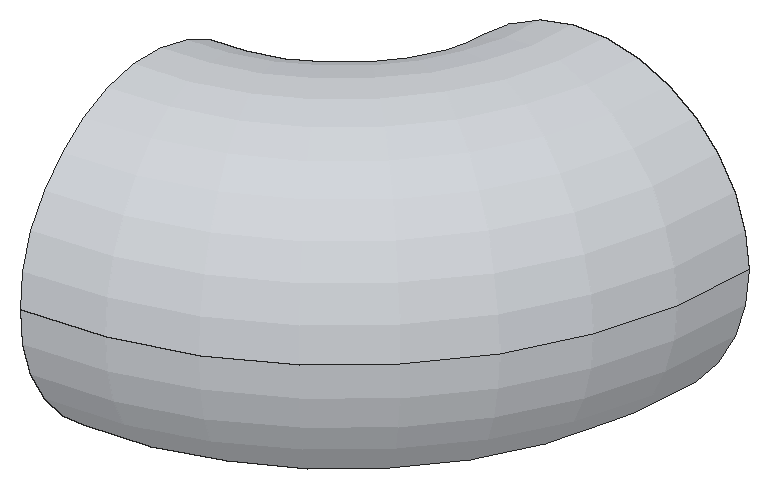
Revit family "CODO90HDPE_RCIFM_Extrucol_V2", category Uniones de tubería, Revit 2020
Family settings
  Cota de conector redondo = Diámetro de uso
  Tipo de pieza = Codo
  Se basa en plano de trabajo = No
  Siempre vertical = Sí
  Corte con vacíos al cargar = No
  Compartido = No
Parameters
  Tabla consulta = "Tablacodo90"
  Radio [instance] = size_lookup(Tabla consulta, "Radio", 0 mm, DN) + 3 mm  # 58 mm
  H [instance] = size_lookup(Tabla consulta, "H", 0 mm, DN)  # 73 mm
  Elevación por defecto = 274.752 mm
  DN [instance] = 75 mm
Reference planes
  plane 1 "Centro (Frontal/Posterior)": y = 0
  plane 2: z = 0
  plane 3 "Centro (Izquierda/Derecha)": x = 0
Forms (mm)
  Sweep 1, solid
    path in 3D
      loop
        arc (-58, 0, 0) -> (-16.988, 16.988, 0) -> (0, 58, 0) r 58
    profile origin (-16.988, 16.988, 0) x (-0.707107, 0.707107, 0) y (0, 0, 1)
      loop
        circle (0, 0) r 37.5
Lines and regions (mm)
  model lines
    curve 1: arc (-58, 0, 0) -> (-16.988, 16.988, 0) -> (0, 58, 0) r 58
  sketch lines
    curve 2: arc (-58, 0, 0) -> (-16.988, 16.988, 0) -> (0, 58, 0) r 58
Dimensions and locks
  "Radio": radius of curve 1
  "DN": diameter of Sweep 1 sketch curve
  aligned and locked: level to plane 2
  aligned and locked: plane 3 "Centro (Izquierda/Derecha)" to curve 1
Automatic sketch dimensions
  plane 1 "Centro (Frontal/Posterior)" to curve 1 = 0 mm
  Sweep 1 sketch curve to profile plane = 0 mm
  profile plane to Sweep 1 sketch curve = 0 mm
Connectors
  piping at (0, 58, 0), diameter 75, driven by "DN"
    settings: on Sweep 1, index 1, connector inside diameter 609.6 mm, connector length 0 mm, flow factor 0, pipe flow 0.0 L/s, pressure drop 0.0 Pa, fitting loss kfactor 0, connector angle 0.00°, fixture units 0, engagement length 0 mm, angle of deflection 0.00°, flow configuration 0, flow direction 0, fitting loss method 0, system type 28, joint type 0, gender type 0, connector reference index 2, connector utility 0, adjustable connector no, is connector primary yes, connector description ""
  piping at (-58, 0, 0), diameter 75, driven by "DN"
    settings: on Sweep 1, index 2, connector inside diameter 609.6 mm, connector length 0 mm, flow factor 0, pipe flow 0.0 L/s, pressure drop 0.0 Pa, fitting loss kfactor 0, connector angle 0.00°, fixture units 0, engagement length 0 mm, angle of deflection 0.00°, flow configuration 0, flow direction 0, fitting loss method 0, system type 28, joint type 0, gender type 0, connector reference index 1, connector utility 0, adjustable connector no, is connector primary no, connector description ""
